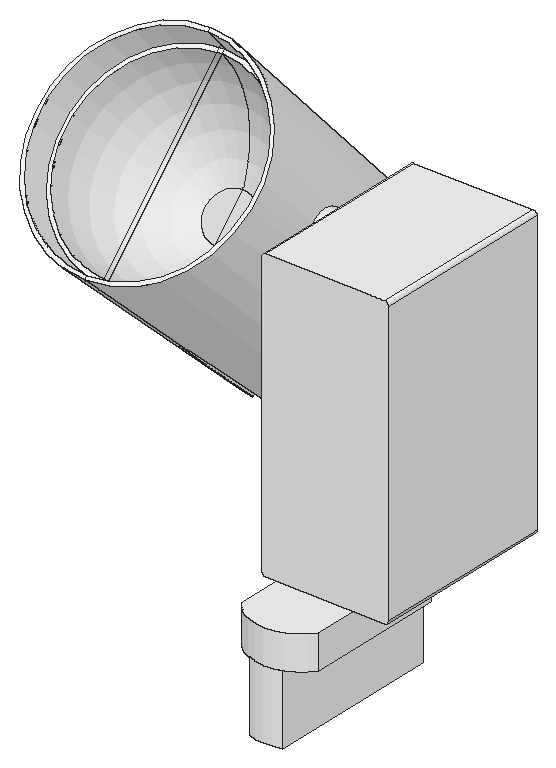
Revit family "0004812 Feilo Sylvania Lighting Fixture START TRACK SPOT S 14W 3K RA80 MB WHITE", category Lighting Fixtures, host Face, Revit 2017 (continued)
Definition of nested family "Start Track Spot Head"
  Types (96, lengths in mm): name | Wattage | built-in parameter 1150134 | Photometric Web File | Model | built-in parameter 1150105 | Lumens | built-in parameter 1150107 | built-in parameter 1150106 | HeadThickness_FEILO | HeadRibOffset_FEILO | HeadRibDepth_FEILO | HeadRibCutWidth_FEILO | HeadRibCutOffset_FEILO | HeadReflectorRadius_FEILO | HeadReflectorOffset_FEILO | HeadLEDRadius_FEILO | HeadHeight_FEILO | HeadDiffusorOffset_FEILO | HeadDiaOut_FEILO | HeadDiaIn_FEILO | HeadAxisFromTop_FEILO | Emit from Circle Diameter | built-in parameter 1150104 | Description | Apparent Load
    0004812 START TRACK SPOT S 14W 3K RA80 MB WHITE | 14 W | (empty or 0) | "0004812.ies" | "START TRACK SPOT S 14W 3K RA80 MB WHITE" | 120.32 (stored number, unit not read) | 1512 lm | 3000 (stored number, unit not read) | 1.2032 (stored number, unit not read) | 1.5 | 4.179 | 55.714 | 7.167 | 50.87 | 50.588 | 55.714 | 9.556 | 117 | 9.435 | 86 | 77.477 | 69.354 | 77.477 | 10.034 (stored number, unit not read) | "Integrated LED spotlight, Textured White - RAL9016, compact and minimalist design, ideal for retail applications, die-cast aluminium body, passive cooling heatsink. Beam angle: 36°, color temperature: 3000K , total system power: 14W, total fixture output: 1508 lm, LOR: 100%, colour rendering: Ra: 80 typical, LED Chromaticity: 3 step MacAdam ellipse, lifetime: >50000 hours at L70B50, energy class: A++, A+, A, IR/UV free light source without heat radiation, operating voltage: 220-240V / 50-60Hz, drive current: 350mA, electronic driver, non-dimmable, power factor: 0.92, electrical protection: Class II, Global Track 3 Phase adapter suitable for Global trac 3-circuit tracks, ingress protection rating: IP20, suitable for internal environment only, horizontal rotation: 355°, vertical tilt: 90°, dimensions: Ø86x140x200, weight: 0.940kg." | 14 VA
    0004811 START TRACK SPOT S 14W 3K RA80 NB WHITE | 14 W | (empty or 0) | "0004811.ies" | "START TRACK SPOT S 14W 3K RA80 NB WHITE" | 123.66 (stored number, unit not read) | 1554 lm | 3000 (stored number, unit not read) | 1.2366 (stored number, unit not read) | 1.5 | 4.179 | 55.714 | 7.167 | 50.87 | 50.588 | 55.714 | 9.556 | 117 | 9.435 | 86 | 77.477 | 69.354 | 77.477 | 10.312 (stored number, unit not read) | "Integrated LED spotlight, Textured White - RAL9016, compact and minimalist design, ideal for retail applications, die-cast aluminium body, passive cooling heatsink. Beam angle: 12°, color temperature: 3000K , total system power: 14W, total fixture output: 1551 lm, LOR: 100%, colour rendering: Ra: 80 typical, LED Chromaticity: 3 step MacAdam ellipse, lifetime: >50000 hours at L70B50, energy class: A++, A+, A, IR/UV free light source without heat radiation, operating voltage: 220-240V / 50-60Hz, drive current: 350mA, electronic driver, non-dimmable, power factor: 0.92, electrical protection: Class II, Global Track 3 Phase adapter suitable for Global trac 3-circuit tracks, ingress protection rating: IP20, suitable for internal environment only, horizontal rotation: 355°, vertical tilt: 90°, dimensions: Ø86x140x200, weight: 0.940kg." | 14 VA
  Reference planes
    plane 1 "Center (Front/Back)": y = 0
    plane 2: z = 0
    plane 3 "Center (Left/Right)": x = 0
    plane 4: x = 43
    plane 5: x = -43
    plane 6: x = -38.739
    plane 7: x = 38.739
    plane 8: z = 69.354
    plane 9: z = -47.646
    plane 10: x = -41.5
    plane 11: x = -37.239
    plane 12: z = -38.211
    plane 13: z = -35.211
    plane 14: z = 8.068
    plane 15: x = -9.556
    plane 16: x = -28.667
    plane 17: x = -19.111
    plane 18: x = -27.167
    plane 19: x = -17.611
    plane 20: x = -8.056
    plane 21: z = 13.64
    plane 22: x = -29.667
    plane 23: x = -26.167
    plane 24: x = -20.111
    plane 25: x = -16.611
    plane 26: x = -10.556
    plane 27: x = -7.056
    plane 28: x = -36.239
    plane 29: x = -40.5
    plane 30: z = 65.175
    plane 31: z = 60.997
    plane 32: z = 56.818
    plane 33: z = 18.484
    plane 34: y = -43
    plane 35: y = 43
    plane 36: y = 3.583
    plane 37: y = -3.583
    plane 38: y = -2.583
    plane 39: y = 2.583
    plane 40: y = 46
    plane 41: z = 13.5
    plane 42: z = -13.5
    plane 43: y = 39
    plane 44: x = 4.708
    plane 45: x = -2.458
    plane 46: x = -1.458
    plane 47: x = 1.458
  Forms (mm)
    Extrusion 1, solid
      sketch origin (4.2, 0, 0) x (1, 0, 0) y (0, 1, 0)
        loop
          line (-1219.2, 1219.2) -> (-1219.2, -1219.2) -> (1219.2, -1219.2) -> (1219.2, 1219.2) -> (-1219.2, 1219.2)
      from 0 to -68.017
    Revolve 2, solid, material <- "Material_1_FEILO", detail levels medium+fine
      sketch origin (0, 0, 0) x (1, 0, 0) y (0, 0, 1)
        loop
          line (-43, -47.646) -> (-41.5, -47.646) -> (-40.5, -35.211) -> (-38.739, -35.211)
          arc (-38.739, -35.211) -> (-30.16, -9.517) -> (-9.556, 8.068) r 50.588
          line (-9.556, 8.068) -> (0, 8.068) -> (0, 13.64) -> (-16.611, 13.64) -> (-17.611, 60.997) -> (-19.111, 60.997) -> (-20.111, 13.64) -> (-36.239, 13.64) -> (-37.239, 69.354) -> (-38.739, 69.354) -> (-43, -47.646)
        axis (0, 69.354) -> (0, -47.646)
      angle from 360 to 0
    Extrusion 3, void
      sketch origin (0, 0, 0) x (0, 1, 0) y (0, 0, 1)
        loop
          line (-3.583, 69.354) -> (-2.583, 18.484) -> (1.932, 18.484) -> (2.932, 69.354) -> (-3.583, 69.354)
      from 43 to -43
    Revolve 4, solid, material <- "Material_2_FEILO", detail levels medium+fine
      sketch origin (0, 0, 0) x (1, 0, 0) y (0, 0, 1)
        loop
          line (-41.5, -38.211) -> (0, -38.211) -> (0, -35.211) -> (-41.5, -35.211) -> (-41.5, -38.211)
        axis (0, -35.211) -> (0, -38.211)
      angle from 360 to 0
    Revolve 5, solid, material <- "Material_1_FEILO"
      sketch origin (0, 0, 0) x (0, 1, 0) y (0, 0, 1)
        loop
          line (46, 0) -> (39, 0) -> (39, -13.5) -> (46, -13.5) -> (46, 0)
        axis (39, 0) -> (46, 0)
      angle from 360 to 0
    Revolve 6, solid, material <- "Material_1_FEILO", detail levels medium+fine
      sketch origin (0, 0, 0) x (1, 0, 0) y (0, 0, 1)
        loop
          line (-29.667, 13.64) -> (-26.167, 13.64) -> (-27.167, 65.175) -> (-28.667, 65.175) -> (-29.667, 13.64)
        loop
          line (-10.556, 13.64) -> (-7.056, 13.64) -> (-7.833, 56.818) -> (-9.778, 56.818) -> (-10.556, 13.64)
        axis (0, 65.175) -> (0, 13.64)
      angle from 360 to 0
    Extrusion 7, void
      sketch origin (0, 0, 0) x (1, 0, 0) y (0, 0, 1)
        loop
          line (4.708, 69.354) -> (-2.458, 69.354) -> (-1.458, 13.64) -> (1.458, 13.64) -> (4.708, 69.354)
      from -43 to 43
    Revolve 8, solid, material <- "Material_1_FEILO", detail levels coarse
      sketch origin (0, 0, 0) x (1, 0, 0) y (0, 0, 1)
        loop
          line (0, 69.354) -> (-38.739, 69.354) -> (-43, -47.646) -> (-41.5, -47.646) -> (-40.731, -38.211) -> (0, -38.211) -> (0, 69.354)
        axis (0, 69.354) -> (0, -47.646)
      angle from 360 to 0
  Cuts and joins
    Extrusion 3 cuts Revolve 2
    Extrusion 7 cuts Revolve 6
  Dimensions and locks
    equal spacing: plane 7, plane 3 "Center (Left/Right)", plane 6
    equal spacing: plane 4, plane 3 "Center (Left/Right)", plane 5
    "HeadDiaOut_FEILO": plane 4 to plane 5
    "HeadDiaIn_FEILO": plane 7 to plane 6
    "HeadHeight_FEILO": plane 8 to plane 9
    "HeadThickness_FEILO": plane 10 to plane 5
    "HeadThickness_FEILO": plane 11 to plane 6
    "HeadDiffusorOffset_FEILO": plane 12 to plane 9
    "HeadDiffusorThickness_FEILO": plane 13 to plane 12
    "HeadReflectorOffset_FEILO": plane 14 to plane 9
    "HeadLEDRadius_FEILO": plane 3 "Center (Left/Right)" to plane 15
    "HeadLEDRadius_FEILO": plane 15 to plane 17
    "HeadLEDRadius_FEILO": plane 17 to plane 16
    "HeadThickness_FEILO": plane 18 to plane 16
    "HeadThickness_FEILO": plane 19 to plane 17
    "HeadThickness_FEILO": plane 20 to plane 15
    "HeadRibDepth_FEILO": plane 8 to plane 21
    "HeadDraft_FEILO": plane 16 to plane 22
    "HeadDraft_FEILO": plane 23 to plane 18
    "HeadDraft_FEILO": plane 17 to plane 24
    "HeadDraft_FEILO": plane 25 to plane 19
    "HeadDraft_FEILO": plane 15 to plane 26
    "HeadDraft_FEILO": plane 27 to plane 20
    "HeadDraft_FEILO": plane 29 to plane 10
    "HeadDraft_FEILO": plane 28 to plane 11
    "HeadRibOffset_FEILO": plane 8 to plane 30
    "HeadRibOffset_FEILO": plane 30 to plane 31
    "HeadRibOffset_FEILO": plane 31 to plane 32
    "HeadAxisFromTop_FEILO": plane 8 to plane 2
    "HeadRibCutOffset_FEILO": plane 8 to plane 33
    equal spacing: plane 34, plane 1 "Center (Front/Back)", plane 35
    "HeadDiaOut_FEILO": plane 34 to plane 35
    equal spacing: plane 38, plane 1 "Center (Front/Back)", plane 39
    equal spacing: plane 37, plane 1 "Center (Front/Back)", plane 36
    "HeadRibCutWidth_FEILO": plane 37 to plane 36
    "HeadDraft_FEILO": plane 37 to plane 38
    locked: plane 35 to plane 40 at 3
    equal spacing: plane 41, plane 2, plane 42
    locked: plane 42 to plane 41 at 27
    locked: plane 43 to plane 35 at 4
    equal spacing: plane 45, imposter light, plane 44
    "HeadDraft_FEILO": plane 46 to plane 45
    "HeadRibCutWidth_FEILO": plane 44 to plane 45
    equal spacing: plane 47, plane 3 "Center (Left/Right)", plane 46
    "HeadReflectorRadius_FEILO": radius of Revolve 2 sketch curve
    aligned and locked: plane 2 to Extrusion 1
    aligned and locked: level to Extrusion 1
    aligned and locked: Revolve 2 sketch curve to plane 3 "Center (Left/Right)"  (x2)
    aligned and locked: plane 9 to Revolve 2 sketch curve  (x2)
    aligned and locked: plane 5 to Revolve 2 sketch curve
    aligned and locked: plane 10 to Revolve 2 sketch curve
    aligned and locked: plane 14 to Revolve 2 sketch curve
    aligned and locked: plane 8 to Revolve 2 sketch curve
    aligned and locked: Revolve 2 sketch curve to plane 13
    aligned and locked: plane 12 to Revolve 4 sketch curve
    aligned and locked: plane 3 "Center (Left/Right)" to Revolve 4 sketch curve
    aligned and locked: Revolve 4 sketch curve to plane 10
    aligned and locked: Revolve 4 sketch curve to plane 3 "Center (Left/Right)"
    aligned and locked: plane 12 to imposter light
    aligned and locked: imposter light to plane 1 "Center (Front/Back)"
    aligned and locked: Revolve 5 sketch curve to plane 2
    aligned and locked: plane 43 to Revolve 5 sketch curve
    aligned and locked: plane 42 to Revolve 5 sketch curve
    aligned and locked: Revolve 6 sketch curve to plane 3 "Center (Left/Right)"
    aligned and locked: plane 22 to Revolve 6 sketch curve
    aligned and locked: plane 30 to Revolve 6 sketch curve
    aligned and locked: plane 23 to Revolve 6 sketch curve
    aligned and locked: Revolve 6 sketch curve to plane 21  (x2)
    aligned and locked: plane 21 to Revolve 6 sketch curve
    aligned and locked: plane 17 to Revolve 2 sketch curve
    aligned and locked: plane 19 to Revolve 2 sketch curve
    aligned and locked: plane 31 to Revolve 2 sketch curve
    aligned and locked: plane 21 to Revolve 2 sketch curve
    aligned and locked: Extrusion 3 to plane 8
    aligned and locked: plane 33 to Extrusion 3
    aligned and locked: plane 8 to Extrusion 3 sketch curve
    aligned and locked: Extrusion 3 sketch curve to plane 33
    aligned and locked: Extrusion 3 to plane 5
    aligned and locked: plane 4 to Extrusion 3
    aligned and locked: plane 32 to Revolve 6 sketch curve
    aligned and locked: plane 44 to Extrusion 7 sketch curve
    aligned and locked: Extrusion 7 sketch curve to plane 8
    aligned and locked: plane 46 to Extrusion 7 sketch curve
    aligned and locked: plane 21 to Extrusion 7 sketch curve
    aligned and locked: plane 34 to Extrusion 7
    aligned and locked: Extrusion 7 to plane 35
    aligned and locked: Revolve 4 sketch curve to plane 13
    aligned and locked: Revolve 5 sketch curve to plane 40
    aligned and locked: Revolve 8 sketch curve to plane 3 "Center (Left/Right)"
    aligned and locked: Revolve 8 sketch curve to cut or joined group of Revolve 2, Extrusion 3  (x3)
    aligned and locked: plane 5 to Revolve 8 sketch curve
    aligned and locked: plane 3 "Center (Left/Right)" to Revolve 8 sketch curve
    aligned and locked: plane 12 to Revolve 8 sketch curve
  Automatic sketch dimensions
    Extrusion 1 sketch curve to Extrusion 1 sketch curve = 2438.4 mm  (x2)
    Extrusion 3 sketch curve to plane 37 = 0 mm
    Extrusion 3 sketch curve to plane 38 = 0 mm
    plane 39 to Extrusion 3 sketch curve = 0.651 mm
    Extrusion 3 sketch curve to plane 39 = 0.349 mm
    Revolve 6 sketch curve to plane 16 = 0 mm
    Revolve 6 sketch curve to plane 18 = 0 mm
    Revolve 6 sketch curve to plane 26 = 0 mm
    Revolve 6 sketch curve to plane 27 = 0 mm
    Revolve 6 sketch curve to plane 15 = 0.222 mm
    plane 9 to Revolve 6 sketch curve = 559.103 mm
    Revolve 6 sketch curve to plane 8 = 2535.555 mm
    plane 20 to Revolve 6 sketch curve = 0.222 mm
    Revolve 2 sketch curve to plane 29 = 0 mm
    Revolve 2 sketch curve to plane 6 = 0 mm  (x2)
    Revolve 2 sketch curve to plane 11 = 0 mm
    Revolve 2 sketch curve to plane 21 = 0 mm
    Revolve 2 sketch curve to plane 28 = 0 mm
    Revolve 2 sketch curve to plane 24 = 0 mm
    Revolve 2 sketch curve to plane 25 = 0 mm
    Revolve 2 sketch curve to plane 15 = 0 mm
    Revolve 2 sketch curve to Revolve 2 sketch curve = 557.155 mm
    Revolve 2 sketch curve to plane 8 = 2535.558 mm
    Extrusion 7 sketch curve to plane 45 = 0 mm
    Extrusion 7 sketch curve to plane 47 = 0 mm
    plane 9 to Revolve 4 sketch curve = 559.103 mm
    Revolve 4 sketch curve to plane 8 = 2535.555 mm
    Revolve 5 sketch curve to level = 0 mm
    plane 34 to Revolve 5 sketch curve = 1968.092 mm
    Revolve 5 sketch curve to plane 40 = 1405.763 mm
    Revolve 8 sketch curve to plane 6 = 0 mm
    Revolve 8 sketch curve to plane 29 = 0.231 mm
    plane 9 to Revolve 8 sketch curve = 559.103 mm
    Revolve 8 sketch curve to Revolve 8 sketch curve = 2535.555 mm
Definition of nested family "Start Track Spot Box"
  Parameters (values of type "Type Large White")
    URL = "http://www.feilosylvania.com"
    Type Image = (empty or 0)
    Type Comments = "n/a"
    Small_FEILO = no
    Material_3_FEILO = none
    Model = ""
    Manufacturer = "Feilo Sylvania"
    Keynote = ""
    Material_2_FEILO = none
    Description = ""
    Default Elevation = 1219.2 mm
    Cost = 0
    Material_1_FEILO = none
    BoxWidth_FEILO = 49 mm
    BoxStartAngle_FEILO [instance] = 0.00°
    BoxRadius_FEILO = 1.5 mm
    BoxHeight_FEILO = if(Small_FEILO, 112 mm, 136 mm)  # 136 mm
    BoxEndAngle_FEILO [instance] = BoxStartAngle_FEILO - 180.00°  # -180.00°
    BoxDepth_FEILO = if(Small_FEILO, 71.5 mm, 79 mm)  # 79 mm
    BoxAxisVerticalOffset_FEILO = 16 mm
    BoxAxisOffset_FEILO = BoxHeight_FEILO / 6.8  # 20 mm
    Assembly Code = ""
    Material_4_FEILO = none
  Types (4, lengths in mm): name | Small_FEILO | BoxHeight_FEILO | BoxDepth_FEILO | BoxAxisOffset_FEILO
    Type Large White | no | 136 | 79 | 20
    Type Small White | yes | 112 | 71.5 | 16.471
    Type Small Black | yes | 112 | 71.5 | 16.471
    Type Large Black | no | 136 | 79 | 20
  Reference planes
    plane 1 "Center (Front/Back)": y = 0
    plane 2: z = 0
    plane 3 "Center (Left/Right)": x = 0
    plane 4: x = 24.5
    plane 5: x = -24.5
    plane 6: y = 68
    plane 7: y = -68
    plane 8: z = 39.5
    plane 9: z = -39.5
    plane 10: y = -48
    plane 11: x = 30.5
    plane 12: x = 8.5
    plane 13: x = 21.5
    plane 14: y = 70
    plane 15: y = 72
    plane 16: x = 19.5
  Forms (mm)
    Extrusion 1, solid
      sketch origin (4.2, 0, 0) x (1, 0, 0) y (0, 1, 0)
        loop
          line (-1219.2, 1219.2) -> (-1219.2, -1219.2) -> (1219.2, -1219.2) -> (1219.2, 1219.2) -> (-1219.2, 1219.2)
      from 0 to -68.017
    Extrusion 2, solid, material <- "Material_1_FEILO"
      sketch origin (0, 0, 0) x (1, 0, 0) y (0, 1, 0)
        loop
          arc (-23, 68) -> (-24.061, 67.561) -> (-24.5, 66.5) r 1.5
          line (-24.5, 66.5) -> (-24.5, -66.5)
          arc (-24.5, -66.5) -> (-24.061, -67.561) -> (-23, -68) r 1.5
          line (-23, -68) -> (23, -68)
          arc (23, -68) -> (24.061, -67.561) -> (24.5, -66.5) r 1.5
          line (24.5, -66.5) -> (24.5, 66.5)
          arc (24.5, 66.5) -> (24.061, 67.561) -> (23, 68) r 1.5
          line (23, 68) -> (-23, 68)
      from -39.5 to 39.5
    Revolve 3, solid, not visible
      sketch origin (0, 0, 0) x (1, 0, 0) y (0, 1, 0)
        loop
          line (30.5, -48) -> (24.5, -48) -> (24.5, -68) -> (30.5, -68) -> (30.5, -48)
        axis (30.5, -48) -> (24.5, -48)
      angle from 0 <- "BoxStartAngle_FEILO" to -180 <- "BoxEndAngle_FEILO"
    Revolve 4, solid, material <- "Material_2_FEILO"
      sketch origin (0, 0, 0) x (1, 0, 0) y (0, 1, 0)
        loop
          line (8.5, 68) -> (19.5, 68) -> (19.5, 70) -> (21.5, 70) -> (21.5, 72) -> (8.5, 72) -> (8.5, 68)
        axis (8.5, 72) -> (8.5, 68)
      angle from 360 to 0
  Dimensions and locks
    equal spacing: plane 5, plane 3 "Center (Left/Right)", plane 4
    "BoxWidth_FEILO": plane 5 to plane 4
    equal spacing: plane 7, plane 1 "Center (Front/Back)", plane 6
    "BoxHeight_FEILO": plane 7 to plane 6
    equal spacing: plane 8, plane 2, plane 9
    "BoxDepth_FEILO": plane 8 to plane 9
    "BoxAxisOffset_FEILO": plane 7 to plane 10
    locked: plane 4 to plane 11 at 6
    "BoxAxisVerticalOffset_FEILO": plane 12 to plane 4
    locked: plane 12 to plane 13 at 13
    plane 6 to plane 14 to plane 15 = 2 mm locked, 2 mm locked
    locked: plane 12 to plane 16 at 11
    "BoxRadius_FEILO": radius of Extrusion 2 sketch curve  (x4)
    aligned and locked: plane 2 to Extrusion 1
    aligned and locked: level to Extrusion 1
    aligned and locked: plane 6 to Extrusion 2 sketch curve
    aligned and locked: plane 5 to Extrusion 2 sketch curve
    aligned and locked: Extrusion 2 sketch curve to plane 7
    aligned and locked: Extrusion 2 sketch curve to plane 4
    aligned and locked: Extrusion 2 to plane 8
    aligned and locked: plane 9 to Extrusion 2
    aligned and locked: Revolve 3 sketch curve to plane 10  (x2)
    aligned and locked: plane 11 to Revolve 3 sketch curve
    aligned and locked: Revolve 3 sketch curve to plane 4
    aligned and locked: plane 7 to Revolve 3 sketch curve
    aligned and locked: Revolve 4 sketch curve to plane 12
    aligned and locked: plane 6 to Revolve 4 sketch curve
    aligned and locked: plane 12 to Revolve 4 sketch curve
    aligned and locked: plane 15 to Revolve 4 sketch curve
    aligned and locked: Revolve 4 sketch curve to plane 13
    aligned and locked: Revolve 4 sketch curve to plane 14
    aligned and locked: Revolve 4 sketch curve to plane 16
    aligned and locked: Revolve 4 sketch curve to plane 6
  Automatic sketch dimensions
    Extrusion 1 sketch curve to Extrusion 1 sketch curve = 2438.4 mm  (x2)
    Revolve 3 sketch curve to plane 5 = 1499.5 mm
    plane 11 to Revolve 3 sketch curve = 1493.5 mm
    plane 15 to Revolve 4 sketch curve = 0 mm
    plane 7 to Revolve 4 sketch curve = 1456 mm
    Revolve 4 sketch curve to plane 15 = 1452 mm
